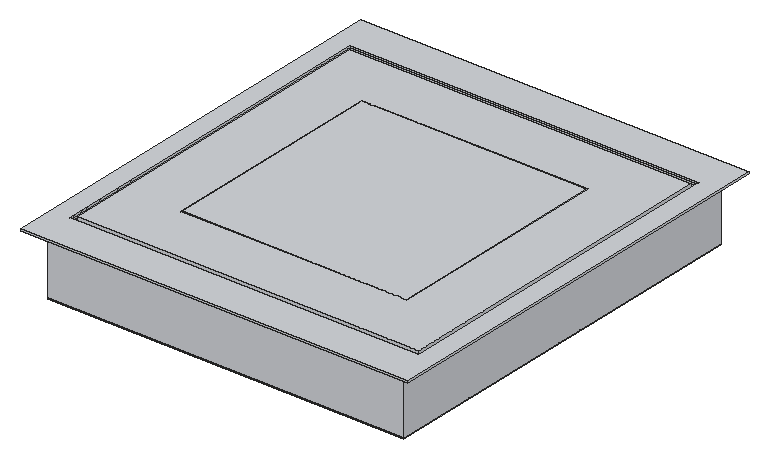
Revit family "Unterflurdose UGD350-3 für GES9_55", category Generic Models, Revit 2015
Parameters (values of type "UGD 350-3 9R")
  URL = "http://www.obo-bettermann.com"
  Size "b" = 383 mm
  Size "a" = 362 mm
  Material = Steel, Galvanized
  Manufacturer Art. No. = "7410062"
  Manufacturer = "OBO Bettermann"
  HeightCalc = if(Height < 55 mm, 55 mm, (if(Height > 80 mm, 80 mm, Height)))  # 70 mm
  Height = 70 mm
  GTIN = "4012195678762"
  Cover size "b" = 244 mm
  Cover size "a" = 244 mm
  Cover Width = 373 mm
  Article Type = "UGD55 350-3 9R"
  "B" Dimension = 467 mm
  "A" Dimension = 467 mm
Reference planes
  plane 1 "Center (Front/Back)": y = 0
  plane 2: z = 0
  plane 3 "Center (Left/Right)": x = 0
  plane 4: z = 1
  plane 5: x = -233.5
  plane 6: y = -233.5
  plane 7: x = 233.5
  plane 8: y = 233.5
  plane 9: y = -217
  plane 10: x = 195.5
  plane 11: y = 217
  plane 12: x = -195.5
  plane 13: z = 68
  plane 14: z = 70
  plane 15: x = -212
  plane 16: x = 212
  plane 17: y = 191.5
  plane 18: x = 191.5
  plane 19: x = -191.5
  plane 20: y = -191.5
  plane 21: z = 66
  plane 22: y = 181
  plane 23: y = -181
  plane 24: x = 181
  plane 25: x = -181
  plane 26: y = -186.5
  plane 27: x = 186.5
  plane 28: y = 186.5
  plane 29: x = -186.5
  plane 30: x = -124
  plane 31: y = -124
  plane 32: x = 124
  plane 33: y = 124
  plane 34: z = 67
  plane 35: x = -122
  plane 36: y = -122
  plane 37: x = 122
  plane 38: y = 122
  plane 39: y = 123
  plane 40: x = 123.036
  plane 41: y = -123
  plane 42: x = -123.036
Forms (mm)
  Extrusion 1, solid
    sketch origin (0, 0, 0) x (1, 0, 0) y (0, 1, 0)
      loop
        line (255, 233.5) -> (-255, 233.5) -> (-255, -233.5) -> (255, -233.5) -> (255, 233.5)
    from 0 to 1
  Extrusion 2, solid
    sketch origin (0, 0, 0) x (1, 0, 0) y (0, 1, 0)
      loop
        line (-195.5, 217) -> (-195.5, -217) -> (195.5, -217) -> (195.5, 217) -> (-195.5, 217)
    from 1 to 68
  Extrusion 3, solid
    sketch origin (0, 0, 0) x (1, 0, 0) y (0, 1, 0)
      loop
        line (-212, 233.5) -> (-212, -233.5) -> (212, -233.5) -> (212, 233.5) -> (-212, 233.5)
    from 68 to 70
  Extrusion 4, void
    sketch origin (0, 0, 0) x (1, 0, 0) y (0, 1, 0)
      loop
        line (-191.5, 191.5) -> (-191.5, -191.5) -> (191.5, -191.5) -> (191.5, 191.5) -> (-191.5, 191.5)
    from 66 to 70
  Extrusion 5, void
    sketch origin (0, 0, 0) x (1, 0, 0) y (0, 1, 0)
      loop
        line (-181, 181) -> (-181, -181) -> (181, -181) -> (181, 181) -> (-181, 181)
    from 1 to 66
  Extrusion 6, solid
    sketch origin (0, 0, 0) x (1, 0, 0) y (0, 1, 0)
      loop
        line (-186.5, 186.5) -> (-186.5, -186.5) -> (186.5, -186.5) -> (186.5, 186.5) -> (-186.5, 186.5)
    from 66 to 70
  Extrusion 7, void
    sketch origin (0, 0, 0) x (1, 0, 0) y (0, 1, 0)
      loop
        line (-124, 124) -> (-124, -124) -> (124, -124) -> (124, 124) -> (-124, 124)
    from 67 to 70
  Extrusion 8, void
    sketch origin (0, 0, 0) x (1, 0, 0) y (0, 1, 0)
      loop
        line (-122, 122) -> (-122, -122) -> (122, -122) -> (122, 122) -> (-122, 122)
    from 66 to 67
  Extrusion 9, solid
    sketch origin (0, 0, 0) x (1, 0, 0) y (0, 1, 0)
      loop
        line (-123.036, 123) -> (-123.036, -123) -> (123.036, -123) -> (123.036, 123) -> (-123.036, 123)
    from 67 to 70
  Extrusion 10, void
    sketch origin (0, 0, 0) x (1, 0, 0) y (0, 0, 1)
      loop
        line (195.5, 1) -> (195.5, 0) -> (255, 0) -> (255, 1) -> (195.5, 1)
      loop
        line (-195.5, 1) -> (-255, 1) -> (-255, 0) -> (-195.5, 0) -> (-195.5, 1)
    from -233.5 to 233.5
  Extrusion 11, void
    sketch origin (0, 0, 0) x (0, 1, 0) y (0, 0, 1)
      loop
        line (-217, 1) -> (-233.5, 1) -> (-233.5, 0) -> (-217, 0) -> (-217, 1)
      loop
        line (217, 1) -> (217, 0) -> (233.5, 0) -> (233.5, 1) -> (217, 1)
    from -255 to 255
Cuts and joins
  Extrusion 4, Extrusion 5, Extrusion 7, Extrusion 8, Extrusion 10, Extrusion 11 cuts Extrusion 1
  Extrusion 4, Extrusion 5 cuts Extrusion 2
  Extrusion 4 cuts Extrusion 3
  Extrusion 7, Extrusion 8 cuts Extrusion 6
Lines and regions (mm)
  model lines
    curve 1: line (-195.5, 217, 0) -> (195.5, 217, 0)
    curve 2: line (195.5, 217, 0) -> (195.5, -217, 0)
    curve 3: line (195.5, -217, 0) -> (-195.5, -217, 0)
    curve 4: line (-195.5, -217, 0) -> (-195.5, 217, 0)
    curve 5: line (-191.5, 191.5, 0) -> (191.5, 191.5, 0)
    curve 6: line (191.5, 191.5, 0) -> (191.5, -191.5, 0)
    curve 7: line (191.5, -191.5, 0) -> (-191.5, -191.5, 0)
    curve 8: line (-191.5, -191.5, 0) -> (-191.5, 191.5, 0)
    curve 9: line (-181, 181, 0) -> (181, 181, 0)
    curve 10: line (181, 181, 0) -> (181, -181, 0)
    curve 11: line (181, -181, 0) -> (-181, -181, 0)
    curve 12: line (-181, -181, 0) -> (-181, 181, 0)
    curve 13: line (-186.5, 186.5, 0) -> (186.5, 186.5, 0)
    curve 14: line (186.5, 186.5, 0) -> (186.5, -186.5, 0)
    curve 15: line (186.5, -186.5, 0) -> (-186.5, -186.5, 0)
    curve 16: line (-186.5, -186.5, 0) -> (-186.5, 186.5, 0)
    curve 17: line (-124, 124, 0) -> (-124, -124, 0)
    curve 18: line (-124, -124, 0) -> (124, -124, 0)
    curve 19: line (124, -124, 0) -> (124, 124, 0)
    curve 20: line (-124, 124, 0) -> (124, 124, 0)
    curve 21: line (-122, 122, 0) -> (122, 122, 0)
    curve 22: line (122, 122, 0) -> (122, -122, 0)
    curve 23: line (122, -122, 0) -> (-122, -122, 0)
    curve 24: line (-122, -122, 0) -> (-122, 122, 0)
    curve 25: line (-123.036, 123, 0) -> (123.036, 123, 0)
    curve 26: line (123.036, 123, 0) -> (123.036, -123, 0)
    curve 27: line (123.036, -123, 0) -> (-123.036, -123, 0)
    curve 28: line (-123.036, -123, 0) -> (-123.036, 123, 0)
Dimensions and locks
  locked: level to plane 4 at 1
  equal spacing: plane 6, plane 1 "Center (Front/Back)", plane 8
  ""A" Dimension": plane 6 to plane 8
  equal spacing: plane 5, plane 3 "Center (Left/Right)", plane 7
  ""B" Dimension": plane 5 to plane 7
  locked: plane 13 to plane 14 at 2
  equal spacing: plane 19, plane 3 "Center (Left/Right)", plane 18
  "Size "b"": plane 19 to plane 18
  equal spacing: plane 17, plane 1 "Center (Front/Back)", plane 20
  "Size "b"": plane 17 to plane 20
  "HeightCalc": level to plane 14
  locked: plane 21 to plane 14 at 4
  equal spacing: plane 25, plane 3 "Center (Left/Right)", plane 24
  "Size "a"": plane 25 to plane 24
  equal spacing: plane 22, plane 1 "Center (Front/Back)", plane 23
  "Size "a"": plane 22 to plane 23
  equal spacing: plane 29, plane 3 "Center (Left/Right)", plane 27
  "Cover Width": plane 29 to plane 27
  equal spacing: plane 28, plane 1 "Center (Front/Back)", plane 26
  "Cover Width": plane 28 to plane 26
  locked: plane 11 to plane 8 at 16.5
  locked: plane 9 to plane 6 at 16.5
  locked: plane 10 to plane 7 at 38
  locked: plane 5 to plane 12 at 38
  locked: plane 5 to plane 15 at 21.5
  locked: plane 16 to plane 7 at 21.5
  locked: plane 34 to plane 14 at 3
  "Cover size "b"": plane 35 to plane 37
  locked: plane 37 to plane 32 at 2
  locked: plane 30 to plane 35 at 2
  locked: plane 37 to plane 40 at 1.036
  locked: plane 42 to plane 35 at 1.036
  equal spacing: plane 35, plane 3 "Center (Left/Right)", plane 37
  locked: plane 33 to plane 38 at 2
  locked: plane 36 to plane 31 at 2
  locked: plane 39 to plane 38 at 1
  locked: plane 41 to plane 36 at 1
  "Cover size "a"": plane 38 to plane 36
  equal spacing: plane 38, plane 1 "Center (Front/Back)", plane 36
  aligned and locked: level to plane 2
  aligned and locked: plane 4 to Extrusion 1
  aligned and locked: plane 11 to curve 1
  aligned and locked: curve 2 to plane 10
  aligned and locked: plane 9 to curve 3
  aligned and locked: curve 4 to plane 12
  aligned and locked: Extrusion 2 sketch curve to curve 1
  aligned and locked: Extrusion 2 sketch curve to curve 2
  aligned and locked: Extrusion 2 sketch curve to curve 3
  aligned and locked: Extrusion 2 sketch curve to curve 4
  aligned and locked: plane 13 to Extrusion 2
  aligned and locked: Extrusion 2 to plane 4
  aligned and locked: plane 6 to Extrusion 3 sketch curve
  aligned and locked: Extrusion 3 sketch curve to plane 8
  aligned and locked: Extrusion 3 to plane 13
  aligned and locked: plane 14 to Extrusion 3
  aligned and locked: curve 5 to plane 17
  aligned and locked: curve 6 to plane 18
  aligned and locked: plane 20 to curve 7
  aligned and locked: curve 8 to plane 19
  aligned and locked: Extrusion 1 to level
  aligned and locked: Extrusion 4 sketch curve to curve 5
  aligned and locked: Extrusion 4 sketch curve to curve 6
  aligned and locked: Extrusion 4 sketch curve to curve 7
  aligned and locked: Extrusion 4 sketch curve to curve 8
  aligned and locked: plane 14 to Extrusion 4
  aligned and locked: Extrusion 4 to plane 21
  aligned and locked: curve 9 to plane 22
  aligned and locked: curve 10 to plane 24
  aligned and locked: plane 23 to curve 11
  aligned and locked: curve 12 to plane 25
  aligned and locked: Extrusion 5 sketch curve to curve 9
  aligned and locked: Extrusion 5 sketch curve to curve 12
  aligned and locked: Extrusion 5 sketch curve to curve 11
  aligned and locked: Extrusion 5 sketch curve to curve 10
  aligned and locked: plane 21 to Extrusion 5
  aligned and locked: Extrusion 5 to plane 4
  aligned and locked: curve 13 to plane 28
  aligned and locked: curve 14 to plane 27
  aligned and locked: curve 15 to plane 26
  aligned and locked: curve 16 to plane 29
  aligned and locked: Extrusion 6 sketch curve to curve 13
  aligned and locked: Extrusion 6 sketch curve to curve 16
  aligned and locked: Extrusion 6 sketch curve to curve 15
  aligned and locked: Extrusion 6 sketch curve to curve 14
  aligned and locked: Extrusion 6 to plane 21
  aligned and locked: plane 14 to Extrusion 6
  aligned and locked: curve 17 to plane 30
  aligned and locked: curve 19 to plane 32
  aligned and locked: curve 20 to plane 33
  aligned and locked: curve 18 to plane 31
  aligned and locked: Extrusion 7 sketch curve to curve 20
  aligned and locked: Extrusion 7 sketch curve to curve 19
  aligned and locked: Extrusion 7 sketch curve to curve 18
  aligned and locked: Extrusion 7 sketch curve to curve 17
  aligned and locked: plane 34 to Extrusion 7
  aligned and locked: plane 14 to Extrusion 7
  aligned and locked: curve 21 to plane 38
  aligned and locked: curve 22 to plane 37
  aligned and locked: plane 36 to curve 23
  aligned and locked: plane 35 to curve 24
  aligned and locked: Extrusion 8 sketch curve to curve 21
  aligned and locked: Extrusion 8 sketch curve to curve 22
  aligned and locked: Extrusion 8 sketch curve to curve 23
  aligned and locked: Extrusion 8 sketch curve to curve 24
  aligned and locked: Extrusion 8 to plane 21
  aligned and locked: Extrusion 8 to Extrusion 7
  aligned and locked: curve 25 to plane 39
  aligned and locked: curve 26 to plane 40
  aligned and locked: curve 27 to plane 41
  aligned and locked: curve 28 to plane 42
  aligned and locked: Extrusion 9 sketch curve to curve 25
  aligned and locked: Extrusion 9 sketch curve to curve 26
  aligned and locked: Extrusion 9 sketch curve to curve 27
  aligned and locked: Extrusion 9 sketch curve to curve 28
  aligned and locked: cut or joined group of Extrusion 6, Extrusion 7, Extrusion 8 to Extrusion 9
  aligned and locked: plane 14 to Extrusion 9
  aligned and locked: plane 4 to Extrusion 10 sketch curve
  aligned and locked: Extrusion 10 sketch curve to plane 10
  aligned and locked: Extrusion 10 sketch curve to level
  aligned and locked: Extrusion 10 sketch curve to plane 12
  aligned and locked: Extrusion 10 sketch curve to plane 4
  aligned and locked: level to Extrusion 10 sketch curve
  aligned and locked: Extrusion 11 sketch curve to plane 9
  aligned and locked: Extrusion 11 sketch curve to plane 4
  aligned and locked: plane 6 to Extrusion 11 sketch curve
  aligned and locked: level to Extrusion 11 sketch curve
  aligned and locked: plane 4 to Extrusion 11 sketch curve
  aligned and locked: Extrusion 11 sketch curve to level
  aligned and locked: plane 11 to Extrusion 11 sketch curve
  aligned and locked: Extrusion 11 sketch curve to plane 8
  aligned and locked: Extrusion 11 to Extrusion 1  (x2)
  aligned and locked: Extrusion 10 sketch curve to cut or joined group of Extrusion 1, Extrusion 4, Extrusion 5, Extrusion 7, Extrusion 8, Extrusion 10, Extrusion 11  (x2)
Automatic sketch dimensions
  Extrusion 1 sketch curve to plane 7 = 21.5 mm
  plane 8 to Extrusion 1 sketch curve = 0 mm
  Extrusion 3 sketch curve to plane 16 = 0 mm
  Extrusion 1 sketch curve to plane 6 = 0 mm
  Extrusion 1 sketch curve to plane 5 = 21.5 mm
  Extrusion 3 sketch curve to plane 15 = 0 mm
